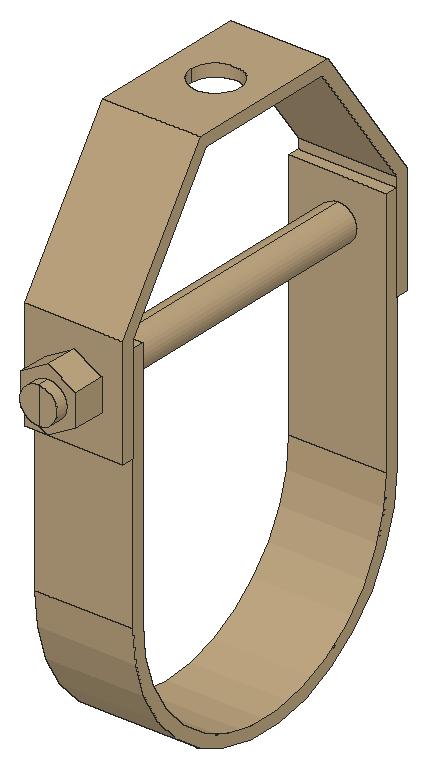
Revit family "7008 Clevis Hanger Cu", category Pipe Accessories, Revit 2018
Family settings
  Round Connector Dimension = Use Diameter
  Part Type = Normal
  OmniClass Number = 23.60.30.11.17
  OmniClass Title = Pipework/Ductwork Mechanical Fasteners/Supports
  Work Plane-Based = No
  Always vertical = Yes
  Cut with Voids When Loaded = No
  Shared = No
Parameters
  smallersize [instance] = Nominal Diameter < 1.350"  # no
  pipe radius [instance] = Pipe Diameter / 2  # 1.5625"
  nut1_dia [instance] = size_lookup("nut_hex_US", "nut_dia", 1.500", D3)  # 0.5625"
  bolt rad [instance] = if(Nominal Diameter > 18.000", 0.500", nut1_dia / 3)  # 0.1875"
  Weight [instance] = size_lookup(LookupTable, "Weight", "NA", Nominal Diameter)  # "0.57 lbs."
  Standards Lookup Table = "Standards"  # constant formula
  Product ID [instance] = size_lookup(LookupTable, "ProductID", "NA", Nominal Diameter)  # "3859961"
  Pipe Diameter [instance] = size_lookup(Standards Lookup Table, "copper", 0.000", Nominal Diameter)  # 3.125"
  Part Number [instance] = size_lookup(LookupTable, "PartNumber", "NA", Nominal Diameter)  # "FNW7008EC0300"
  LookupTable [instance] = "7008 Clevis Hanger Cu"  # constant formula
  fillet [instance] = D3 + Y2  # 0.500"
  Z1 [instance] = size_lookup(LookupTable, "Z1", 0.000", Nominal Diameter)  # 1.5625"
  Z4 [instance] = size_lookup(LookupTable, "Z4", 0.000", Nominal Diameter)  # 4.000"
  Z3 [instance] = size_lookup(LookupTable, "Z3", 0.000", Nominal Diameter)  # 2.6875"
  Z2 [instance] = size_lookup(LookupTable, "Z2", 0.000", Nominal Diameter)  # 2.125"
  Z5 [instance] = size_lookup(LookupTable, "Z5", 0.000", Nominal Diameter)  # 2.5625"
  Y1 [instance] = size_lookup(LookupTable, "Y1", 0.000", Nominal Diameter)  # 1.3646"
  Y2 [instance] = size_lookup(LookupTable, "Y2", 0.000", Nominal Diameter)  # 0.125"
  nut1_height [instance] = size_lookup("nut_hex_US", "nut_height", 1.000", D3)  # 0.32813"
  W1 [instance] = size_lookup(LookupTable, "W1", 0.000", Nominal Diameter)  # 1.000"
  URL = "http://fnw.com"
  Nominal Diameter [instance] = 3.000"
  Manufacturer = "FNW"  # constant formula
  Description BOM [instance] = size_lookup(LookupTable, "Description_BOM", "NA", Nominal Diameter)  # "3 7008 Clevis Hanger Cu"
  D3 [instance] = size_lookup(LookupTable, "D3", 0.000", Nominal Diameter)  # 0.375"
  D2 [instance] = size_lookup(LookupTable, "D2", 0.000", Nominal Diameter)  # 0.500"
  D1 [instance] = Pipe Diameter  # 3.125"
  bolt_length [instance] = D1 + (Y2 * 4) + nut1_height + 0.125"  # 4.07813"
  biggersize [instance] = Nominal Diameter > 1.350"  # yes
  120 = 120.00°
Reference planes (in)
  plane 1 "Center (Front/Back)": y = 0
  plane 2: z = 0
  plane 3 "Center (Left/Right)": x = 0
  plane 4: z = 2.125
  plane 5: z = 4
  plane 6: z = 2.6875
  plane 7: z = 1.5625
  plane 8: y = 0.6823
  plane 9: y = -0.6823
  plane 10: y = -1.5625
  plane 11: y = 1.5625
  plane 12: y = -1.6875
  plane 13: y = 1.6875
  plane 14: y = 1.8125
  plane 15: y = -1.8125
  plane 16: y = -2.14063
  plane 17: y = 2.14062
  plane 18: z = 1.8
  plane 19: x = -0.5
  plane 20: x = 0.5
  plane 21: y = -2.26563
  plane 22: z = 4.125
Forms (in)
  Sweep 1, solid, material "Bronze, Cast"
    path origin (0, 0, 0) x (0, 1, 0) y (0, 0, 1)
      loop
        line (1.5625, 2.5625) -> (1.5625, 0)
        arc (1.5625, 0) -> (0, -1.5625) -> (-1.5625, 0) r 1.5625
        line (-1.5625, 0) -> (-1.5625, 2.5625)
    profile origin (0, 1.5625, 1.28125) x (1, 0, 0) y (0, 1, 0)
      loop
        line (-0.5, 0.125) -> (-0.5, 0) -> (0.5, 0) -> (0.5, 0.125) -> (-0.5, 0.125)
  Extrusion 2, void
    sketch origin (0, 0, 0) x (1, 0, 0) y (0, 1, 0)
      loop
        circle (0, 0) r 0.25
    from 4 to 4.125
  Extrusion 3, solid, material "Bronze, Cast", visible <- "smallersize"
    sketch origin (0, 0, 0) x (0, 1, 0) y (0, 0, 1)
      loop
        line (-1.6875, 1.5625) -> (-1.6875, 3.625)
        arc (-1.6875, 3.625) -> (-1.57767, 3.89017) -> (-1.3125, 4) r 0.375
        line (-1.3125, 4) -> (1.3125, 4)
        arc (1.3125, 4) -> (1.57767, 3.89017) -> (1.6875, 3.625) r 0.375
        line (1.6875, 3.625) -> (1.6875, 1.5625) -> (1.8125, 1.5625) -> (1.8125, 3.625)
        arc (1.8125, 3.625) -> (1.66605, 3.97855) -> (1.3125, 4.125) r 0.5
        line (1.3125, 4.125) -> (-1.3125, 4.125)
        arc (-1.3125, 4.125) -> (-1.66605, 3.97855) -> (-1.8125, 3.625) r 0.5
        line (-1.8125, 3.625) -> (-1.8125, 1.5625) -> (-1.6875, 1.5625)
    from -0.5 to 0.5
  Extrusion 4, solid, material "Bronze, Cast", visible <- "biggersize"
    sketch origin (0, 0, 0) x (0, 1, 0) y (0, 0, 1)
      loop
        line (-1.8125, 2.6875) -> (-1.8125, 1.5625) -> (-1.6875, 1.5625) -> (-1.6875, 2.64834) -> (-0.74852, 4) -> (0.73225, 4) -> (1.6875, 2.66126) -> (1.6875, 1.5625) -> (1.8125, 1.5625) -> (1.8125, 2.6875) -> (0.81389, 4.125) -> (-0.81389, 4.125) -> (-1.8125, 2.6875)
    from -0.5 to 0.5
  Revolve 5, solid, material "Bronze, Cast"
    sketch origin (0, 0, 0) x (0, 1, 0) y (0, 0, 1)
      loop
        line (-2.26563, 2.125) -> (1.8125, 2.125) -> (1.8125, 2.3125) -> (-2.26563, 2.3125) -> (-2.26563, 2.125)
      axis (1.8125, 2.125) -> (-2.26563, 2.125)
    angle from 0 to 360
Cuts and joins
  Extrusion 2 cuts Extrusion 3
  Extrusion 2 cuts Extrusion 4
Lines and regions (in)
  model lines, style "center"
    curve 1: line (0, 0, 4) -> (0, 0, 0)
    curve 2: line (0, 1.5625, 0) -> (0, -1.5625, 0)
Dimensions and locks (in)
  equal spacing: Sweep 1 sketch curve, plane 1 "Center (Front/Back)", Sweep 1 sketch curve
  "D1": Sweep 1 sketch curve to Sweep 1 sketch curve
  "Z5": Sweep 1 sketch curve to level  (x2)
  equal spacing: Sweep 1 sketch curve, profile plane, Sweep 1 sketch curve
  "W1": Sweep 1 sketch curve to Sweep 1 sketch curve
  "Y2": Sweep 1 sketch curve to Sweep 1 sketch curve
  "Z4": plane 5 to plane 2
  "Z3": plane 6 to plane 2
  "Z1": plane 7 to plane 2
  equal spacing: plane 9, plane 1 "Center (Front/Back)", plane 8
  "Y1": plane 9 to plane 8
  equal spacing: plane 10, plane 1 "Center (Front/Back)", plane 11
  "D1": plane 10 to plane 11
  "Y2": plane 12 to plane 10
  "Y2": plane 11 to plane 13
  "Y2": plane 15 to plane 12
  "Y2": plane 13 to plane 14
  "nut1_height": plane 14 to plane 17
  "nut1_height": plane 16 to plane 15
  "Z2": plane 4 to plane 2
  "Y2": Extrusion 3 sketch curve to plane 5
  equal spacing: plane 19, plane 3 "Center (Left/Right)", plane 20
  "W1": plane 19 to plane 20
  "bolt_length": plane 14 to plane 21
  "Y2": plane 22 to plane 5
  "Y2": Extrusion 4 sketch curve to Extrusion 4 sketch curve
  "Y2": plane 13 to Extrusion 4 sketch curve
  "Y2": Extrusion 4 sketch curve to plane 12
  "bolt rad": Revolve 5 sketch curve to plane 4
  "D1": diameter of Sweep 1 sketch curve
  "D2": diameter of Extrusion 2 sketch curve
  "D3": radius of Extrusion 3 sketch curve  (x2)
  "fillet": radius of Extrusion 3 sketch curve  (x2)
  aligned and locked: plane 2 to level
  aligned and locked: Sweep 1 sketch curve to profile plane
  aligned and locked: plane 7 to Extrusion 3 sketch curve
  aligned and locked: Extrusion 3 sketch curve to plane 7
  aligned and locked: plane 14 to Extrusion 3 sketch curve
  aligned and locked: Extrusion 3 sketch curve to plane 13
  aligned and locked: plane 12 to Extrusion 3 sketch curve
  aligned and locked: Extrusion 3 sketch curve to plane 5
  aligned and locked: plane 19 to Extrusion 3
  aligned and locked: Extrusion 3 to plane 20
  aligned and locked: Extrusion 2 to plane 5
  aligned and locked: plane 22 to Extrusion 2
  aligned and locked: plane 12 to Extrusion 4 sketch curve
  aligned and locked: Extrusion 4 sketch curve to plane 13
  aligned and locked: cut or joined group of Extrusion 2, Extrusion 4 to plane 20
  aligned and locked: plane 19 to cut or joined group of Extrusion 2, Extrusion 4
  aligned and locked: plane 4 to Revolve 5 sketch curve  (x2)
  aligned and locked: cut or joined group of Extrusion 2, Extrusion 4 to plane 7  (x2)
  aligned and locked: Revolve 5 sketch curve to plane 14
  aligned and locked: plane 21 to Revolve 5 sketch curve
  aligned and locked: nested 2 to plane 15
Automatic sketch dimensions
  curve 2 to plane 3 "Center (Left/Right)" = 0.000"
  plane 10 to curve 2 = 0.000"
  curve 2 to plane 11 = 0.000"
  curve 1 to level = 0.000"
  curve 1 to plane 1 "Center (Front/Back)" = 0.000"
  curve 1 to plane 5 = 0.000"
  Sweep 1 sketch curve to level = 0.000"
  plane 1 "Center (Front/Back)" to Extrusion 2 sketch curve = 0.000"
  Extrusion 2 sketch curve to plane 3 "Center (Left/Right)" = 0.000"
  Extrusion 3 sketch curve to Extrusion 3 sketch curve = 0.000"
  Extrusion 4 sketch curve to plane 22 = 0.000"
  Extrusion 4 sketch curve to plane 5 = 0.000"
  Extrusion 4 sketch curve to plane 7 = 0.000"  (x2)
  Extrusion 4 sketch curve to plane 6 = 0.000"  (x2)
  Extrusion 4 sketch curve to plane 9 = 0.13159"
  Extrusion 4 sketch curve to plane 8 = 0.04995"
  Extrusion 4 sketch curve to plane 8 = 0.13159"
  Extrusion 4 sketch curve to plane 6 = 0.02624"
  Revolve 5 sketch curve to plane 15 = 0.03399"
  plane 17 to Revolve 5 sketch curve = 0.16471"
Nested families (in)
  nested 1: "nest hex nut" at (-0.15598, 1.8125, 2.23182) x (0, 0, 1) z (0, 1, 0), BHX1 <- "nut1_height", SCD3 <- "nut1_dia", type "nest hex nut"
    with Weight "", SCR3 0.28125", SCD3 0.5625", Product ID "", Part Number "", Nominal Diameter 1/2", Description BOM "", Center of Hex 12.000", BHX1 0.32813"
  nested 2: "nest hex nut" at (0, -2.14063, 2.12306) x (0, 0, 1) z (0, 1, 0), BHX1 <- "nut1_height", SCD3 <- "nut1_dia", type "nest hex nut"
    with Weight "", SCR3 0.28125", SCD3 0.5625", Product ID "", Part Number "", Nominal Diameter 1/2", Description BOM "", Center of Hex 12.000", BHX1 0.32813"
Definition of nested family "nest hex nut"
  Parameters (values of type "nest hex nut")
    Weight [instance] = ""
    URL = "http://www.fnw.com"
    Standards Lookup Table = "Standards"  # constant formula
    SCR3 [instance] = SCD3 / 2  # 0.500"
    SCD3 [instance] = 1.000"
    Product ID [instance] = ""
    Part Number [instance] = ""
    Nominal Diameter [instance] = 1/2"
    LookupTable = ""
    Description BOM [instance] = ""
    Default Elevation = 48.000"
    Center of Hex [instance] = 12.000"
    BHX1 [instance] = 0.70262"
    120 = 120.00°
  Reference planes (in)
    plane 1 "Center (Front/Back)": y = 0
    plane 2: z = 0
    plane 3 "Center (Left/Right)": x = 0
    plane 4: z = 0.70262
    plane 5: x = 0
  Forms (in)
    Extrusion 1, solid
      sketch origin (-12, 0, 0) x (1, 0, 0) y (0, 1, 0)
        loop
          line (12.57735, 0) -> (12.28868, 0.5) -> (11.71132, 0.5) -> (11.42265, 0) -> (11.71132, -0.5) -> (12.28868, -0.5) -> (12.57735, 0)
      from 0 to 0.70262
  Dimensions and locks (in)
    "BHX1": plane 4 to plane 2
    equal spacing: Extrusion 1 sketch curve, plane 5, Extrusion 1 sketch curve  (x2)
    equal spacing: Extrusion 1 sketch curve, plane 1 "Center (Front/Back)", Extrusion 1 sketch curve
    "SCD3": Extrusion 1 sketch curve to Extrusion 1 sketch curve  (x3)
    "120": angle Extrusion 1 sketch curve to Extrusion 1 sketch curve  (x5)
    aligned and locked: plane 2 to level
    aligned and locked: Extrusion 1 to plane 4
    aligned and locked: Extrusion 1 to plane 2
